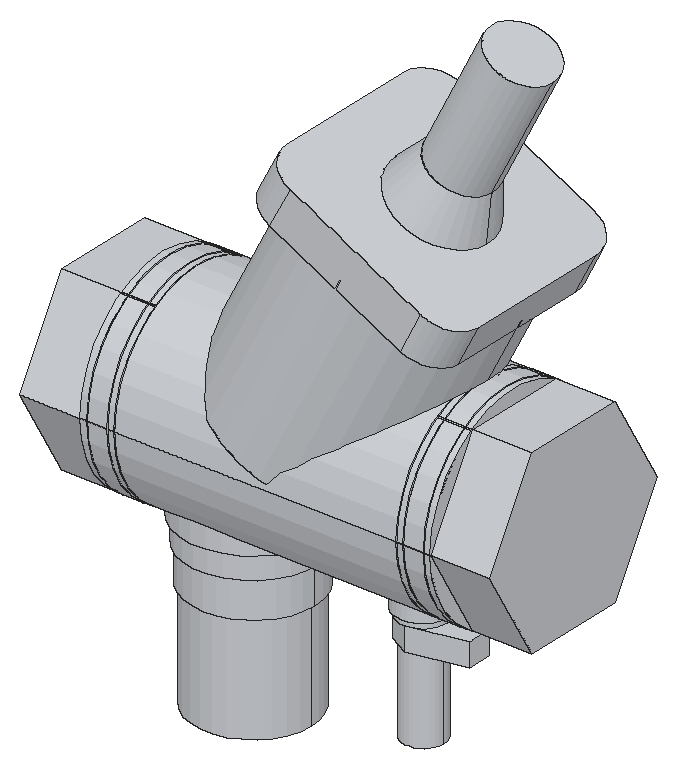
Revit family "Sigma_Compact_DN040_s vyp_RFA_2018", category Pipe Accessories, Revit 2018
Family settings
  Round Connector Dimension = Use Diameter
  Part Type = Valve - Breaks Into
  Work Plane-Based = No
  Always vertical = Yes
  Cut with Voids When Loaded = No
  Shared = No
Parameters (values of type "Sigma Compact DN 40 s vypouštěním")
  magiProductId = "ead7fbe154ec4086ae4626bbcbe652"
  magiProductFamilyId = "2dc1766e7e3844cdb739145bbea09c"
  magiPartTypeId = 304
  isMeasuringValve [instance] = no
  ang2D [instance] = 0.00°
  Z6 = 39.3 mm
  Z5 = 91.7 mm
  Z4 = 78.6 mm
  Z3 = 13.1 mm
  Z2 = 65.5 mm
  XR2 = 37.5 mm
  XR1 = 25.5 mm
  W2D = 32 mm
  VersionID = "2.0/2018.12.13.2/FRESE_SIGMA_PLUG_Q13_001"
  Use Minimum Symbol Size [instance] = no
  URL = "www.hydronic.cz"
  Type Comments = "závitový; vnitřní závit; PN25; max dp=400kPa; -10~+120°C; max uzavírací tlak 1MPa"
  R4 = 15 mm
  R3 = 10 mm
  R2 = 30.5 mm
  R1 = 31.5 mm
  QmdConnectorList = "301;D;302;D"
  Productdata [instance] = ""
  NL__ve = -NL  # -27.6 mm
  NL = 27.6 mm
  Manufacturer = "Hydronic Systems Prague s.r.o."
  MC Use Limits From Balancing Method = no
  MC Throttling Minimum Value = 0
  MC Throttling Maximum Value = 0
  MC Product Code = "53-2226 DN40 FF s měřením a vypouštěním; (719-7400 l/h); kvs=18,0"
  MC Pressure Drop Minimum Value = 0.0 Pa
  MC Pressure Drop Maximum Value = 0.0 Pa
  MC Piping Given Pressure Drop [instance] = 0.0 Pa
  M5 = 51.4 mm
  M4 = 49.4 mm
  M3 = 43.4 mm
  M2 = 41.4 mm
  LP = 69 mm
  LM = 82.8 mm
  LL__ve = -LL  # -7 mm
  LLT__ve = -LLT  # -24 mm
  LLT = 24 mm
  LLL = 11 mm
  LL3 = 54 mm
  LL2 = 45 mm
  LL = 7 mm
  L3 = 25 mm
  L2D_Min = 30.48 mm
  L2D = 82.4 mm
  Description = "Automatický vyvažovací ventil"
  DR1 = yes
  DR0 = no
  DL2 = 79 mm
  D = 40 mm
  CenSd_R2_6 = R2 * cos(30.00°)  # 26.414 mm
  CAT0 = yes
  C0D1 = yes
  C0D0 = no
Types (3, lengths in mm): name | magiProductId | Z6 | Z5 | Z4 | Z3 | Z2 | NL__ve | NL | MC Product Code | M5 | M4 | M3 | M2 | LP | LM | LL__ve | LLT__ve | LLT | LL3 | LL2 | LL | DL2 | D
  Sigma Compact DN 32 s vypouštěním | "52c1318164f948b8bfa512d8a8b026" | 33 | 77 | 66 | 11 | 55 | -20.8 | 20.8 | "53-2225 DN32 FF s měřením a vypouštěním; (200-5000 l/h); kvs=10,9" | 41.2 | 39.2 | 33.2 | 31.2 | 52 | 62.4 | -6.8 | -22.6 | 22.6 | 52 | 43 | 6.8 | 77 | 32
  Sigma Compact DN 40 s vypouštěním | "ead7fbe154ec4086ae4626bbcbe652" | 39.3 | 91.7 | 78.6 | 13.1 | 65.5 | -27.6 | 27.6 | "53-2226 DN40 FF s měřením a vypouštěním; (719-7400 l/h); kvs=18,0" | 51.4 | 49.4 | 43.4 | 41.4 | 69 | 82.8 | -7 | -24 | 24 | 54 | 45 | 7 | 79 | 40
  Sigma Compact DN 50 s vypouštěním | "001ad4382b874bb9b8e1e8cf3b6430" | 39.3 | 91.7 | 78.6 | 13.1 | 65.5 | -27.6 | 27.6 | "53-2227 DN50 FF s měřením a vypouštěním; (900-10350 l/h); kvs=20,3" | 51.4 | 49.4 | 43.4 | 41.4 | 69 | 82.8 | -7.6 | -28.2 | 28.2 | 60 | 51 | 7.6 | 85 | 50
Reference planes
  plane 1 "Center (Front/Back)": y = 0
  plane 2 "XYPLANE": z = 0
  plane 3 "Center (Left/Right)": x = 0
  plane 4 "408": x = 69
  plane 5 "407": x = -69
  plane 6 "404": z = -47
  plane 7 "403": z = -54
  plane 8 "402": z = -79
  plane 9 "213": x = -25
  plane 10 "168": z = -20
  plane 11 "167": z = -22
  plane 12 "166": z = -29
  plane 13 "165": z = -36
  plane 14 "164": z = -38
  plane 15 "154": z = 0
  plane 16 "152": y = 0
  plane 17 "151": z = -45
  plane 18 "150": x = 25
  plane 19 "75": through (307.08, 0, 685.28) normal (0.891, 0, -0.454)
  plane 20 "74": x = 51.4
  plane 21 "73": x = 49.4
  plane 22 "72": x = 43.4
  plane 23 "71": x = 41.4
  plane 24 "70": x = -51.4
  plane 25 "69": x = -49.4
  plane 26 "68": x = -43.4
  plane 27 "67": y = 0
  plane 28 "66": through (-666.893, 0, 343.166) normal (0.454, 0, 0.891)
  plane 29 "65": x = -41.4
  plane 30 "64": through (335.147, 0, 670.979) normal (0.891, 0, -0.454)
  plane 31 "63": through (-638.519, 0, 398.854) normal (0.454, 0, 0.891)
  plane 32 "62": through (363.214, 0, 656.678) normal (0.891, 0, -0.454)
  plane 33 "61": y = 31.5
  plane 34 "60": y = -31.5
  plane 35 "59": through (-632.571, 0, 410.526) normal (0.454, 0, 0.891)
  plane 36 "58": through (-626.624, 0, 422.198) normal (0.454, 0, 0.891)
  plane 37 "56": x = 0
  plane 38 "55": through (-668.255, 0, 340.493) normal (0.454, 0, 0.891)
  plane 39 "102XY": through (-668.255, 0, 340.493) normal (0.454, 0, 0.891)
  plane 40 "102XZ": y = 0
  plane 41 "102YZ": through (340.493, 0, 668.255) normal (0.891, 0, -0.454)
Forms (mm)
  Extrusion 1, solid
    sketch origin (69, -750, 0) x (0, 1, 0) y (0, 0, 1)
      loop
        line (780.5, 0) -> (765.25, 26.414) -> (734.75, 26.414) -> (719.5, 0) -> (734.75, -26.414) -> (765.25, -26.414) -> (780.5, 0)
    from 0 to -27.6 <- "NL__ve"
  Extrusion 2, solid
    sketch origin (-69, -750, 0) x (0, 1, 0) y (0, 0, 1)
      loop
        line (719.5, 0) -> (734.75, -26.414) -> (765.25, -26.414) -> (780.5, 0) -> (765.25, 26.414) -> (734.75, 26.414) -> (719.5, 0)
    from 0 to 27.6 <- "NL"
  Extrusion 3, solid, visible <- "C0D1"
    sketch origin (-750, 0, -79) x (1, 0, 0) y (0, 1, 0)
      loop
        circle (725, 0) r 17.2
    from 0 to 50
  Extrusion 4, solid, visible <- "DR1"
    sketch origin (-750, 0, -47) x (1, 0, 0) y (0, 1, 0)
      loop
        line (725, -8) -> (731.928, -4) -> (731.928, 4) -> (725, 8) -> (707.872, 4) -> (707.872, -4) -> (725, -8)
    from 0 to -7 <- "LL__ve"
  Extrusion 5, solid, visible <- "DR1"
    sketch origin (-750, 0, -47) x (1, 0, 0) y (0, 1, 0)
      loop
        circle (725, 0) r 18.2
    from 0 to 11 <- "LLL"
  Extrusion 6, solid, visible <- "DR1"
    sketch origin (-750, 0, -36) x (1, 0, 0) y (0, 1, 0)
      loop
        circle (725, 0) r 19.2
    from 0 to 7 <- "LL"
  Extrusion 7, solid, visible <- "DR1"
    sketch origin (-750, 0, -29) x (1, 0, 0) y (0, 1, 0)
      loop
        circle (725, 0) r 20.2
    from 0 to 7 <- "LL"
  Blend 8, solid, visible <- "DR1"
    base sketch origin (-750, 0, -20) x (1, 0, 0) y (0, 1, 0)
      loop
        circle (725, 0) r 17.7
    top sketch origin (-750, 0, -20) x (1, 0, 0) y (0, 1, 0)
      loop
        circle (725, 0) r 20.2
    from 0 to -2
  Extrusion 9, solid, visible <- "DR1"
    sketch origin (-750, 0, 0) x (1, 0, 0) y (0, 1, 0)
      loop
        circle (725, 0) r 17.7
    from 0 to -24 <- "LLT__ve"
  Extrusion 10, solid, visible <- "C0D0"
    sketch origin (-750, 0, -45) x (1, 0, 0) y (0, 1, 0)
      loop
        circle (725, 0) r 16.2
    from 0 to -25
  Extrusion 11, solid, visible <- "DR0"
    sketch origin (-750, 0, -38) x (1, 0, 0) y (0, 1, 0)
      loop
        line (725, -7) -> (731.062, -3.5) -> (731.062, 3.5) -> (725, 7) -> (708.738, 3.5) -> (708.738, -3.5) -> (725, -7)
    from 0 to -7 <- "LL__ve"
  Extrusion 12, solid, visible <- "DR0"
    sketch origin (-750, 0, -38) x (1, 0, 0) y (0, 1, 0)
      loop
        circle (725, 0) r 17.2
    from 0 to 2
  Extrusion 13, solid, visible <- "DR0"
    sketch origin (-750, 0, -29) x (1, 0, 0) y (0, 1, 0)
      loop
        circle (725, 0) r 19.2
    from 0 to 7 <- "LL"
  Blend 14, solid, visible <- "DR0"
    base sketch origin (-750, 0, -20) x (1, 0, 0) y (0, 1, 0)
      loop
        circle (725, 0) r 16.7
    top sketch origin (-750, 0, -20) x (1, 0, 0) y (0, 1, 0)
      loop
        circle (725, 0) r 19.2
    from 0 to -2
  Extrusion 15, solid, visible <- "DR0"
    sketch origin (-750, 0, 0) x (1, 0, 0) y (0, 1, 0)
      loop
        circle (725, 0) r 16.7
    from 0 to -24 <- "LLT__ve"
  Extrusion 16, solid, visible <- "DR0"
    sketch origin (-750, 0, 0) x (1, 0, 0) y (0, 1, 0)
      loop
        circle (725, 0) r 16.7
    from 0 to -24 <- "LLT__ve"
  Blend 17, solid, visible <- "DR0"
    base sketch origin (-750, 0, -20) x (1, 0, 0) y (0, 1, 0)
      loop
        circle (725, 0) r 16.7
    top sketch origin (-750, 0, -20) x (1, 0, 0) y (0, 1, 0)
      loop
        circle (725, 0) r 19.2
    from 0 to -2
  Extrusion 18, solid, visible <- "DR0"
    sketch origin (-750, 0, -29) x (1, 0, 0) y (0, 1, 0)
      loop
        circle (725, 0) r 19.2
    from 0 to 7 <- "LL"
  Extrusion 19, solid, visible <- "DR0"
    sketch origin (-750, 0, -36) x (1, 0, 0) y (0, 1, 0)
      loop
        circle (725, 0) r 18.2
    from 0 to 7 <- "LL"
  Extrusion 20, solid, visible <- "DR0"
    sketch origin (-750, 0, -38) x (1, 0, 0) y (0, 1, 0)
      loop
        circle (725, 0) r 17.2
    from 0 to 2
  Extrusion 21, solid, visible <- "DR0"
    sketch origin (-750, 0, -38) x (1, 0, 0) y (0, 1, 0)
      loop
        line (725, -7) -> (731.062, -3.5) -> (731.062, 3.5) -> (725, 7) -> (708.738, 3.5) -> (708.738, -3.5) -> (725, -7)
    from 0 to -7 <- "LL__ve"
  Extrusion 22, solid, visible <- "C0D0"
    sketch origin (-750, 0, -45) x (1, 0, 0) y (0, 1, 0)
      loop
        circle (725, 0) r 16.2
    from 0 to -25
  Extrusion 23, solid, visible <- "CAT0"
    sketch origin (-750, 0, -45) x (1, 0, 0) y (0, 1, 0)
      loop
        circle (775, 0) r 6
    from 0 to -25
  Extrusion 24, solid
    sketch origin (-750, 0, -38) x (1, 0, 0) y (0, 1, 0)
      loop
        line (775, -7) -> (791.262, -3.5) -> (791.262, 3.5) -> (775, 7) -> (768.938, 3.5) -> (768.938, -3.5) -> (775, -7)
    from 0 to -7 <- "LL__ve"
  Extrusion 25, solid
    sketch origin (-750, 0, -38) x (1, 0, 0) y (0, 1, 0)
      loop
        circle (775, 0) r 7
    from 0 to 2
  Extrusion 26, solid
    sketch origin (-750, 0, -36) x (1, 0, 0) y (0, 1, 0)
      loop
        circle (775, 0) r 8
    from 0 to 7 <- "LL"
  Extrusion 27, solid
    sketch origin (-750, 0, -29) x (1, 0, 0) y (0, 1, 0)
      loop
        circle (775, 0) r 9
    from 0 to 7 <- "LL"
  Blend 28, solid
    base sketch origin (-750, 0, -20) x (1, 0, 0) y (0, 1, 0)
      loop
        circle (775, 0) r 6.5
    top sketch origin (-750, 0, -20) x (1, 0, 0) y (0, 1, 0)
      loop
        circle (775, 0) r 9
    from 0 to -2
  Extrusion 29, solid
    sketch origin (-750, 0, 0) x (1, 0, 0) y (0, 1, 0)
      loop
        circle (775, 0) r 6.5
    from 0 to -24 <- "LLT__ve"
  Blend 30, solid, visible <- "CAT0"
    base sketch origin (49.4, -750, 0) x (0, 1, 0) y (0, 0, 1)
      loop
        circle (750, 0) r 30.5
    top sketch origin (49.4, -750, 0) x (0, 1, 0) y (0, 0, 1)
      loop
        circle (750, 0) r 30.5
    from 0 to 2
  Extrusion 31, solid, visible <- "CAT0"
    sketch origin (43.4, -750, 0) x (0, 1, 0) y (0, 0, 1)
      loop
        circle (750, 0) r 30.5
    from 0 to 6
  Blend 32, solid, visible <- "CAT0"
    base sketch origin (41.4, -750, 0) x (0, 1, 0) y (0, 0, 1)
      loop
        circle (750, 0) r 30.5
    top sketch origin (41.4, -750, 0) x (0, 1, 0) y (0, 0, 1)
      loop
        circle (750, 0) r 30.5
    from 0 to 2
  Blend 33, solid, visible <- "CAT0"
    base sketch origin (-49.4, -750, 0) x (0, 1, 0) y (0, 0, 1)
      loop
        circle (750, 0) r 30.5
    top sketch origin (-49.4, -750, 0) x (0, 1, 0) y (0, 0, 1)
      loop
        circle (750, 0) r 30.5
    from 0 to -2
  Extrusion 34, solid, visible <- "CAT0"
    sketch origin (-49.4, -750, 0) x (0, 1, 0) y (0, 0, 1)
      loop
        circle (750, 0) r 30.5
    from 0 to 6
  Blend 35, solid, visible <- "CAT0"
    base sketch origin (-43.4, -750, 0) x (0, 1, 0) y (0, 0, 1)
      loop
        circle (750, 0) r 30.5
    top sketch origin (-43.4, -750, 0) x (0, 1, 0) y (0, 0, 1)
      loop
        circle (750, 0) r 30.5
    from 0 to 2
  Extrusion 36, solid, visible <- "CAT0"
    sketch origin (-41.4, -750, 0) x (0, 1, 0) y (0, 0, 1)
      loop
        circle (750, 0) r 30.5
    from 0 to 82.8 <- "LM"
  Extrusion 37, solid, visible <- "CAT0"
    sketch origin (-666.893, 0, 343.166) x (0.891007, 0, -0.45399) y (0, 1, 0)
      loop
        circle (744, 0) r 31.5
    from 0 to 65.5 <- "Z2"
  Extrusion 38, solid, visible <- "CAT0"
    sketch origin (-638.519, 0, 398.854) x (0.891007, 0, -0.45399) y (0, 1, 0)
      loop
        arc (722.5, 31.5) -> (715.429, 28.571) -> (712.5, 21.5) r 10
        line (712.5, 21.5) -> (712.5, -21.5)
        arc (712.5, -21.5) -> (715.429, -28.571) -> (722.5, -31.5) r 10
        line (722.5, -31.5) -> (765.5, -31.5)
        arc (765.5, -31.5) -> (772.571, -28.571) -> (775.5, -21.5) r 10
        line (775.5, -21.5) -> (775.5, 21.5)
        arc (775.5, 21.5) -> (772.571, 28.571) -> (765.5, 31.5) r 10
        line (765.5, 31.5) -> (722.5, 31.5)
    from 0 to 13.1 <- "Z3"
  Blend 39, solid, visible <- "CAT0"
    base sketch origin (-632.571, 0, 410.526) x (0.891007, 0, -0.45399) y (0, 1, 0)
      loop
        circle (744, 0) r 15
    top sketch origin (-632.571, 0, 410.526) x (0.891007, 0, -0.45399) y (0, 1, 0)
      loop
        circle (744, 0) r 10
    from 0 to 13.1
  Extrusion 40, solid, visible <- "CAT0"
    sketch origin (-626.624, 0, 422.198) x (0.891007, 0, -0.45399) y (0, 1, 0)
      loop
        circle (744, 0) r 10
    from 0 to 39.3 <- "Z6"
  Blend 41, solid, visible <- "CAT0"
    base sketch origin (-668.255, 0, 340.493) x (0.891007, 0, -0.45399) y (0, 1, 0)
      loop
        circle (744, 0) r 15
    top sketch origin (-668.255, 0, 340.493) x (0.891007, 0, -0.45399) y (0, 1, 0)
      loop
        circle (744, 0) r 31.5
    from 0 to 3
  Extrusion 42, solid, not visible
    sketch origin (-51.4, -750, 0) x (0, 1, 0) y (0, 0, 1)
      loop
        circle (750, 0) r 10
    from 0 to 10
  Extrusion 43, solid, not visible
    sketch origin (51.4, -750, 0) x (0, 1, 0) y (0, 0, 1)
      loop
        circle (750, 0) r 10
    from 0 to -10
Lines and regions (mm)
  reference lines, not visible
    curve 1: circle (2, 2, 0) r 1 normal (0, 0, 1)
  reference lines
    curve 2: line (69, 0, 0) -> (69, -7.625, 13.207)
    curve 3: line (69, 0, 0) -> (69, -15.25, 0)
    curve 4: line (69, 0, 0) -> (69, -7.625, -13.207)
    curve 5: line (-69, 0, 0) -> (-69, 7.625, 13.207)
    curve 6: line (-69, 0, 0) -> (-69, 15.25, 0)
    curve 7: line (-69, 0, 0) -> (-69, 7.625, -13.207)
Dimensions and locks
  plane 1 "Center (Front/Back)" to curve 1 = 2 mm
  "LP": plane 37 "56" to plane 4 "408"
  "LP": plane 37 "56" to plane 5 "407"
  "LL": plane 7 "403" to plane 6 "404"
  "LL3": plane 2 "XYPLANE" to plane 7 "403"
  "DL2": plane 2 "XYPLANE" to plane 8 "402"
  "L3": plane 3 "Center (Left/Right)" to plane 9 "213"
  locked: plane 11 "167" to plane 10 "168" at 2
  "LL": plane 12 "166" to plane 11 "167"
  "LL": plane 13 "165" to plane 12 "166"
  locked: plane 14 "164" to plane 13 "165" at 2
  "LL": plane 17 "151" to plane 14 "164"
  locked: plane 2 "XYPLANE" to plane 15 "154"
  locked: plane 1 "Center (Front/Back)" to plane 16 "152"
  "LL2": plane 2 "XYPLANE" to plane 17 "151"
  "L3": plane 3 "Center (Left/Right)" to plane 18 "150"
  "XR2": plane 41 "102YZ" to plane 19 "75"
  "M5": plane 3 "Center (Left/Right)" to plane 20 "74"
  "M4": plane 3 "Center (Left/Right)" to plane 21 "73"
  "M3": plane 3 "Center (Left/Right)" to plane 22 "72"
  "M2": plane 3 "Center (Left/Right)" to plane 23 "71"
  "M5": plane 3 "Center (Left/Right)" to plane 24 "70"
  "M4": plane 3 "Center (Left/Right)" to plane 25 "69"
  "M3": plane 3 "Center (Left/Right)" to plane 26 "68"
  locked: plane 16 "152" to plane 27 "67"
  locked: plane 39 "102XY" to plane 28 "66" at 3
  "M2": plane 3 "Center (Left/Right)" to plane 29 "65"
  locked: plane 41 "102YZ" to plane 30 "64" at 6
  "Z2": plane 39 "102XY" to plane 31 "63"
  "XR1": plane 41 "102YZ" to plane 32 "62"
  "R1": plane 16 "152" to plane 33 "61"
  "R1": plane 16 "152" to plane 34 "60"
  "Z4": plane 39 "102XY" to plane 35 "59"
  "Z5": plane 39 "102XY" to plane 36 "58"
  locked: plane 3 "Center (Left/Right)" to plane 37 "56"
  locked: plane 39 "102XY" to plane 38 "55"
  "CenSd_R2_6": curve 2 to Extrusion 1 sketch curve  (x2)
  "CenSd_R2_6": curve 3 to Extrusion 1 sketch curve  (x2)
  "CenSd_R2_6": curve 4 to Extrusion 1 sketch curve  (x2)
  Extrusion 1 sketch curve to Extrusion 1 sketch curve = 0 mm  (x12)
  "CenSd_R2_6": curve 5 to Extrusion 2 sketch curve  (x2)
  "CenSd_R2_6": curve 6 to Extrusion 2 sketch curve  (x2)
  "CenSd_R2_6": curve 7 to Extrusion 2 sketch curve  (x2)
  Extrusion 2 sketch curve to Extrusion 2 sketch curve = 0 mm  (x12)
  Extrusion 4 sketch curve to Extrusion 4 sketch curve = 0 mm  (x12)
  Extrusion 11 sketch curve to Extrusion 11 sketch curve = 0 mm  (x12)
  Extrusion 21 sketch curve to Extrusion 21 sketch curve = 0 mm  (x12)
  Extrusion 24 sketch curve to Extrusion 24 sketch curve = 0 mm  (x12)
  Extrusion 38 sketch curve to Extrusion 38 sketch curve = 0 mm  (x16)
  "R2": radius of Blend 30 sketch curve  (x2)
  "R2": radius of Extrusion 31 sketch curve
  "R2": radius of Blend 32 sketch curve  (x2)
  "R2": radius of Blend 33 sketch curve  (x2)
  "R2": radius of Extrusion 34 sketch curve
  "R2": radius of Blend 35 sketch curve  (x2)
  "R2": radius of Extrusion 36 sketch curve
  "R1": radius of Extrusion 37 sketch curve
  radius of Extrusion 38 sketch curve = 10 mm  (x4)
  "R3": radius of Blend 39 sketch curve
  "R4": radius of Blend 39 sketch curve
  "R3": radius of Extrusion 40 sketch curve
  "R1": radius of Blend 41 sketch curve
  locked: curve 3 to curve 2 (angle 60.00°)
  locked: curve 4 to curve 3 (angle 60.00°)
  locked: curve 4 to curve 2 (angle 120.00°)
  locked: curve 6 to curve 5 (angle 60.00°)
  locked: curve 7 to curve 6 (angle 60.00°)
  locked: curve 7 to curve 5 (angle 120.00°)
  aligned and locked: level to plane 2 "XYPLANE"
  aligned and locked: plane 15 "154" to curve 4
  aligned and locked: curve 4 to plane 16 "152"
  aligned and locked: plane 15 "154" to curve 7
  aligned and locked: curve 7 to plane 16 "152"
  aligned and locked: plane 9 "213" to Extrusion 3 sketch curve
  aligned and locked: plane 16 "152" to Extrusion 3 sketch curve
  aligned and locked: plane 9 "213" to Extrusion 5 sketch curve
  aligned and locked: plane 16 "152" to Extrusion 5 sketch curve
  aligned and locked: plane 9 "213" to Extrusion 6 sketch curve
  aligned and locked: plane 16 "152" to Extrusion 6 sketch curve
  aligned and locked: plane 9 "213" to Extrusion 7 sketch curve
  aligned and locked: plane 16 "152" to Extrusion 7 sketch curve
  aligned and locked: plane 9 "213" to Blend 8 sketch curve  (x2)
  aligned and locked: plane 16 "152" to Blend 8 sketch curve  (x2)
  aligned and locked: Blend 8 to plane 11 "167"
  aligned and locked: plane 9 "213" to Extrusion 9 sketch curve
  aligned and locked: plane 16 "152" to Extrusion 9 sketch curve
  aligned and locked: plane 9 "213" to Extrusion 10 sketch curve
  aligned and locked: plane 16 "152" to Extrusion 10 sketch curve
  aligned and locked: plane 9 "213" to Extrusion 12 sketch curve
  aligned and locked: plane 16 "152" to Extrusion 12 sketch curve
  aligned and locked: plane 9 "213" to Extrusion 13 sketch curve
  aligned and locked: plane 16 "152" to Extrusion 13 sketch curve
  aligned and locked: plane 9 "213" to Blend 14 sketch curve  (x2)
  aligned and locked: plane 16 "152" to Blend 14 sketch curve  (x2)
  aligned and locked: Blend 14 to plane 11 "167"
  aligned and locked: plane 9 "213" to Extrusion 15 sketch curve
  aligned and locked: plane 16 "152" to Extrusion 15 sketch curve
  aligned and locked: plane 9 "213" to Extrusion 16 sketch curve
  aligned and locked: plane 16 "152" to Extrusion 16 sketch curve
  aligned and locked: plane 9 "213" to Blend 17 sketch curve  (x2)
  aligned and locked: plane 16 "152" to Blend 17 sketch curve  (x2)
  aligned and locked: Blend 17 to plane 11 "167"
  aligned and locked: plane 9 "213" to Extrusion 18 sketch curve
  aligned and locked: plane 16 "152" to Extrusion 18 sketch curve
  aligned and locked: plane 9 "213" to Extrusion 19 sketch curve
  aligned and locked: plane 16 "152" to Extrusion 19 sketch curve
  aligned and locked: plane 9 "213" to Extrusion 20 sketch curve
  aligned and locked: plane 16 "152" to Extrusion 20 sketch curve
  aligned and locked: plane 9 "213" to Extrusion 22 sketch curve
  aligned and locked: plane 16 "152" to Extrusion 22 sketch curve
  aligned and locked: plane 16 "152" to Extrusion 23 sketch curve
  aligned and locked: plane 18 "150" to Extrusion 23 sketch curve
  aligned and locked: plane 16 "152" to Extrusion 25 sketch curve
  aligned and locked: plane 18 "150" to Extrusion 25 sketch curve
  aligned and locked: plane 16 "152" to Extrusion 26 sketch curve
  aligned and locked: plane 18 "150" to Extrusion 26 sketch curve
  aligned and locked: plane 16 "152" to Extrusion 27 sketch curve
  aligned and locked: plane 18 "150" to Extrusion 27 sketch curve
  aligned and locked: plane 16 "152" to Blend 28 sketch curve  (x2)
  aligned and locked: plane 18 "150" to Blend 28 sketch curve  (x2)
  aligned and locked: Blend 28 to plane 11 "167"
  aligned and locked: plane 16 "152" to Extrusion 29 sketch curve
  aligned and locked: plane 18 "150" to Extrusion 29 sketch curve
  aligned and locked: plane 15 "154" to Blend 30 sketch curve  (x2)
  aligned and locked: Blend 30 sketch curve to plane 16 "152"  (x2)
  aligned and locked: plane 20 "74" to Blend 30
  aligned and locked: plane 15 "154" to Extrusion 31 sketch curve
  aligned and locked: Extrusion 31 sketch curve to plane 16 "152"
  aligned and locked: plane 15 "154" to Blend 32 sketch curve  (x2)
  aligned and locked: Blend 32 sketch curve to plane 16 "152"  (x2)
  aligned and locked: plane 22 "72" to Blend 32
  aligned and locked: plane 15 "154" to Blend 33 sketch curve  (x2)
  aligned and locked: Blend 33 sketch curve to plane 16 "152"  (x2)
  aligned and locked: Blend 33 to plane 24 "70"
  aligned and locked: plane 15 "154" to Extrusion 34 sketch curve
  aligned and locked: Extrusion 34 sketch curve to plane 16 "152"
  aligned and locked: plane 15 "154" to Blend 35 sketch curve  (x2)
  aligned and locked: Blend 35 sketch curve to plane 16 "152"  (x2)
  aligned and locked: plane 29 "65" to Blend 35
  aligned and locked: plane 15 "154" to Extrusion 36 sketch curve
  aligned and locked: Extrusion 36 sketch curve to plane 16 "152"
  aligned and locked: plane 27 "67" to Extrusion 37 sketch curve
  aligned and locked: Extrusion 37 sketch curve to plane 30 "64"
  aligned and locked: Extrusion 38 sketch curve to plane 19 "75"
  aligned and locked: Extrusion 38 sketch curve to plane 34 "60"
  aligned and locked: Extrusion 38 sketch curve to plane 32 "62"
  aligned and locked: plane 33 "61" to Extrusion 38 sketch curve
  aligned and locked: plane 27 "67" to Blend 39 sketch curve  (x2)
  aligned and locked: Blend 39 sketch curve to plane 30 "64"  (x2)
  aligned and locked: plane 36 "58" to Blend 39
  aligned and locked: plane 27 "67" to Extrusion 40 sketch curve
  aligned and locked: Extrusion 40 sketch curve to plane 30 "64"
  aligned and locked: plane 27 "67" to Blend 41 sketch curve  (x2)
  aligned and locked: Blend 41 sketch curve to plane 30 "64"  (x2)
  aligned and locked: plane 28 "66" to Blend 41
  aligned and locked: plane 15 "154" to Extrusion 42 sketch curve
  aligned and locked: Extrusion 42 sketch curve to plane 16 "152"
  aligned and locked: plane 15 "154" to Extrusion 43 sketch curve
  aligned and locked: Extrusion 43 sketch curve to plane 16 "152"
Automatic sketch dimensions
  Extrusion 3 sketch curve to plane 29 "65" = 0.8 mm
  Extrusion 4 sketch curve to plane 9 "213" = 0 mm  (x2)
  Extrusion 4 sketch curve to plane 29 "65" = 0.728 mm
  plane 9 "213" to Extrusion 4 sketch curve = 6.928 mm
  plane 1 "Center (Front/Back)" to Extrusion 4 sketch curve = 8 mm
  plane 1 "Center (Front/Back)" to Extrusion 4 sketch curve = 4 mm  (x2)
  Extrusion 4 sketch curve to plane 1 "Center (Front/Back)" = 4 mm  (x2)
  Extrusion 4 sketch curve to plane 1 "Center (Front/Back)" = 8 mm
  plane 26 "68" to Extrusion 5 sketch curve = 0.2 mm
  Extrusion 6 sketch curve to plane 26 "68" = 0.8 mm
  Extrusion 7 sketch curve to plane 26 "68" = 1.8 mm
  plane 26 "68" to Blend 8 sketch curve = 0.7 mm
  Blend 8 sketch curve to plane 26 "68" = 1.8 mm
  plane 26 "68" to Extrusion 9 sketch curve = 0.7 mm
  plane 29 "65" to Extrusion 10 sketch curve = 0.2 mm
  Extrusion 11 sketch curve to plane 9 "213" = 0 mm  (x2)
  plane 29 "65" to Extrusion 11 sketch curve = 0.138 mm
  plane 9 "213" to Extrusion 11 sketch curve = 6.062 mm
  plane 1 "Center (Front/Back)" to Extrusion 11 sketch curve = 7 mm
  plane 1 "Center (Front/Back)" to Extrusion 11 sketch curve = 3.5 mm  (x2)
  Extrusion 11 sketch curve to plane 1 "Center (Front/Back)" = 3.5 mm  (x2)
  Extrusion 11 sketch curve to Extrusion 11 sketch curve = 3.5 mm
  Extrusion 12 sketch curve to plane 29 "65" = 0.8 mm
  Extrusion 13 sketch curve to plane 26 "68" = 0.8 mm
  Blend 14 sketch curve to plane 29 "65" = 0.3 mm
  Blend 14 sketch curve to plane 26 "68" = 0.8 mm
  Extrusion 15 sketch curve to plane 29 "65" = 0.3 mm
  Extrusion 16 sketch curve to plane 29 "65" = 0.3 mm
  Blend 17 sketch curve to plane 29 "65" = 0.3 mm
  Blend 17 sketch curve to plane 26 "68" = 0.8 mm
  Extrusion 18 sketch curve to plane 26 "68" = 0.8 mm
  plane 26 "68" to Extrusion 19 sketch curve = 0.2 mm
  Extrusion 20 sketch curve to plane 29 "65" = 0.8 mm
  Extrusion 21 sketch curve to plane 9 "213" = 0 mm  (x2)
  plane 29 "65" to Extrusion 21 sketch curve = 0.138 mm
  plane 9 "213" to Extrusion 21 sketch curve = 6.062 mm
  plane 1 "Center (Front/Back)" to Extrusion 21 sketch curve = 7 mm
  plane 1 "Center (Front/Back)" to Extrusion 21 sketch curve = 3.5 mm  (x2)
  Extrusion 21 sketch curve to plane 1 "Center (Front/Back)" = 3.5 mm  (x2)
  Extrusion 21 sketch curve to Extrusion 21 sketch curve = 3.5 mm
  plane 29 "65" to Extrusion 22 sketch curve = 0.2 mm
  Extrusion 23 sketch curve to plane 18 "150" = 6 mm
  Extrusion 24 sketch curve to plane 18 "150" = 0 mm  (x2)
  Extrusion 24 sketch curve to plane 18 "150" = 6.062 mm
  Extrusion 24 sketch curve to plane 23 "71" = 0.138 mm
  plane 1 "Center (Front/Back)" to Extrusion 24 sketch curve = 7 mm
  plane 1 "Center (Front/Back)" to Extrusion 24 sketch curve = 3.5 mm  (x2)
  Extrusion 24 sketch curve to plane 1 "Center (Front/Back)" = 3.5 mm  (x2)
  Extrusion 24 sketch curve to Extrusion 24 sketch curve = 3.5 mm
  Extrusion 25 sketch curve to plane 18 "150" = 7 mm
  Extrusion 26 sketch curve to plane 18 "150" = 8 mm
  Extrusion 27 sketch curve to Extrusion 27 sketch curve = 9 mm
  Blend 28 sketch curve to plane 18 "150" = 6.5 mm
  Blend 28 sketch curve to Blend 28 sketch curve = 9 mm
  Extrusion 29 sketch curve to plane 18 "150" = 6.5 mm
  Blend 41 sketch curve to Blend 41 sketch curve = 15 mm
  plane 1 "Center (Front/Back)" to Extrusion 42 sketch curve = 10 mm
  plane 1 "Center (Front/Back)" to Extrusion 43 sketch curve = 10 mm
  plane 3 "Center (Left/Right)" to curve 1 = 2 mm
  radius of curve 1 = 1 mm
Connectors
  piping at (-51.4, 0, 0), diameter 40, driven by "D"
    settings: on Extrusion 42, index 1, connector inside diameter 609.6 mm, connector length 0 mm, flow factor 0, pipe flow 0.0 L/s, pressure drop 0.0 Pa, fitting loss kfactor 0, connector angle 0.00°, fixture units 0, engagement length 0 mm, angle of deflection 0.00°, flow configuration 0, flow direction 0, fitting loss method 0, system type 29, joint type 0, gender type 0, connector reference index 2, connector utility 0, adjustable connector no, is connector primary yes, connector description ""
  piping at (51.4, 0, 0), diameter 40, driven by "D"
    settings: on Extrusion 43, index 2, connector inside diameter 609.6 mm, connector length 0 mm, flow factor 0, pipe flow 0.0 L/s, pressure drop 0.0 Pa, fitting loss kfactor 0, connector angle 0.00°, fixture units 0, engagement length 0 mm, angle of deflection 0.00°, flow configuration 0, flow direction 0, fitting loss method 0, system type 29, joint type 0, gender type 0, connector reference index 1, connector utility 0, adjustable connector no, is connector primary no, connector description ""
